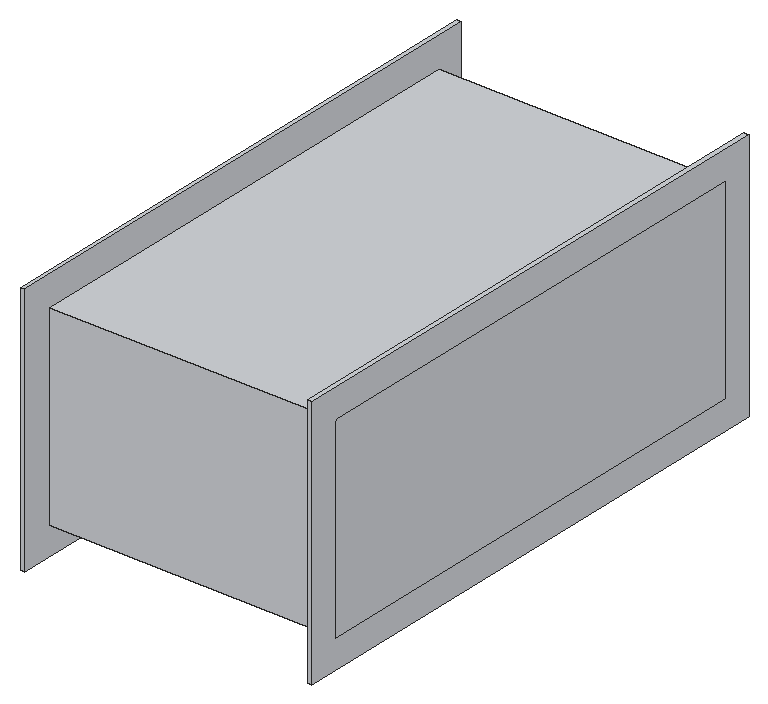
Revit family "XXX_RE Jalousieklappe - Flansch", category Luftkanalzubehör, Revit 2014
Parameters (values of type "Standard")
  Breite [instance] = 500 mm
  Symbolbreite [instance] = Länge / 4  # 75 mm
  Druckverlust [instance] = 0.00 in-wg
  Länge [instance] = 300 mm
  Höhe [instance] = 200 mm
  Flanschstärke = 5 mm
  Flanschbreite = 30 mm
  Widerstandsbeiwert [instance] = 0
Reference planes
  plane 1 "Mitte (Vorne/Hinten)": y = 0
  plane 2: z = 0
  plane 3 "Mitte (Links/Rechts)": x = 0
  plane 4: y = 250
  plane 5: y = -250
  plane 6: x = -150
  plane 7: x = 150
  plane 8: z = 100
  plane 9: z = -100
  plane 10: z = 130
  plane 11: y = -280
  plane 12: z = -130
  plane 13: y = 280
  plane 14: x = -145
  plane 15: x = 145
  plane 16: y = -166.667
  plane 17: y = -83.333
  plane 18: y = 83.333
  plane 19: y = 166.667
  plane 20: z = 66.667
  plane 21: z = 33.333
  plane 22: z = -33.333
  plane 23: z = -66.667
Forms (mm)
  Extrusion 1, solid, detail levels medium+fine
    sketch origin (-150, 397.271, 1219.2) x (0, 1, 0) y (0, 0, 1)
      loop
        line (-147.271, -1119.2) -> (-647.271, -1119.2) -> (-647.271, -1319.2) -> (-147.271, -1319.2) -> (-147.271, -1119.2)
    from 0 to 300
  Extrusion 2, solid, detail levels fine
    sketch origin (-150, 397.271, 1219.2) x (0, 1, 0) y (0, 0, 1)
      loop
        line (-117.271, -1089.2) -> (-677.271, -1089.2) -> (-677.271, -1349.2) -> (-117.271, -1349.2) -> (-117.271, -1089.2)
    from 0 to 5
  Extrusion 3, solid, detail levels fine
    sketch origin (150, 397.271, 1219.2) x (0, 1, 0) y (0, 0, -1)
      loop
        line (-117.271, 1089.2) -> (-117.271, 1349.2) -> (-677.271, 1349.2) -> (-677.271, 1089.2) -> (-117.271, 1089.2)
    from 0 to 5
Lines and regions (mm)
  model lines, detail levels coarse
    curve 1: line (-150, 250, 0) -> (150, 250, 0)
    curve 2: line (-150, -250, 0) -> (-150, 250, 0)
    curve 3: line (150, -250, 0) -> (-150, -250, 0)
    curve 4: line (150, 250, 0) -> (150, -250, 0)
  model lines, style "Symbol", detail levels coarse
    curve 5: line (-150, 0, 100) -> (150, 0, 100)
    curve 6: line (-150, 0, -100) -> (-150, 0, 100)
    curve 7: line (150, 0, -100) -> (-150, 0, -100)
    curve 8: line (150, 0, 100) -> (150, 0, -100)
    curve 9: line (0, 250, 100) -> (0, -250, 100)
    curve 10: line (0, 250, -100) -> (0, 250, 100)
    curve 11: line (0, -250, -100) -> (0, 250, -100)
    curve 12: line (0, -250, 100) -> (0, -250, -100)
    curve 17: line (-145, 0, 100) -> (145, 0, 0)
    curve 18: line (-145, 0, 0) -> (145, 0, -100)
  model lines, style "Symbol", detail levels medium+fine
    curve 13: line (-145, 0, 100) -> (145, 250, 100)
    curve 14: line (-145, -250, 100) -> (145, 0, 100)
    curve 19: line (145, 250, -100) -> (-145, 250, 0)
    curve 20: line (-145, 250, 100) -> (145, 250, 0)
    curve 21: line (145, -250, -100) -> (-145, -250, 0)
    curve 22: line (-145, -250, 100) -> (145, -250, 0)
  model lines, style "DuctAccessory", detail levels coarse
    curve 15: line (145, 250, 0) -> (-145, 0, 0)
    curve 16: line (-145, -250, 0) -> (145, 0, 0)
    curve 23: line (-145, 250, 0) -> (145, 250, 0)
    curve 24: line (145, -250, 0) -> (-145, -250, 0)
Dimensions and locks
  equal spacing: plane 6, plane 3 "Mitte (Links/Rechts)", plane 7
  "Länge": plane 6 to plane 7
  equal spacing: plane 8, level, plane 9
  "Höhe": plane 8 to plane 9
  "Breite": plane 5 to plane 4
  "Flanschbreite": plane 10 to plane 8
  "Flanschbreite": plane 12 to plane 9
  "Flanschbreite": plane 13 to plane 4
  "Flanschbreite": plane 5 to plane 11
  "Flanschstärke": plane 6 to plane 14
  "Flanschstärke": plane 15 to plane 7
  equal spacing: plane 4, plane 19, plane 18, plane 1 "Mitte (Vorne/Hinten)", plane 17, plane 16, plane 5
  equal spacing: plane 2, plane 21, plane 20, plane 8
  equal spacing: plane 9, plane 23, plane 22, plane 2
  aligned and locked: plane 2 to level
  aligned and locked: plane 7 to Extrusion 1
  aligned and locked: Extrusion 1 to plane 6
  aligned and locked: plane 8 to Extrusion 1
  aligned and locked: plane 9 to Extrusion 1
  aligned and locked: plane 5 to Extrusion 1
  aligned and locked: plane 4 to Extrusion 1
  aligned and locked: plane 14 to Extrusion 2
  aligned and locked: Extrusion 2 to plane 6
  aligned and locked: Extrusion 3 to plane 15
  aligned and locked: plane 7 to Extrusion 3
  aligned and locked: curve 2 to Extrusion 1
  aligned and locked: curve 4 to Extrusion 1
  aligned and locked: curve 5 to Extrusion 1
  aligned and locked: curve 6 to Extrusion 1
  aligned and locked: curve 7 to Extrusion 1
  aligned and locked: curve 8 to Extrusion 1
  aligned and locked: curve 9 to Extrusion 1
  aligned and locked: curve 10 to Extrusion 1
  aligned and locked: curve 11 to Extrusion 1
  aligned and locked: curve 12 to Extrusion 1
  aligned and locked: plane 14 to curve 14
  aligned and locked: curve 23 to plane 4
  aligned and locked: curve 24 to plane 5
Automatic sketch dimensions
  Extrusion 1 sketch curve to plane 5 = 0 mm
  Extrusion 1 sketch curve to plane 4 = 0 mm
  plane 9 to Extrusion 1 sketch curve = 0 mm
  Extrusion 1 sketch curve to plane 8 = 0 mm
  Extrusion 2 sketch curve to plane 10 = 0 mm
  Extrusion 2 sketch curve to plane 11 = 0 mm
  plane 12 to Extrusion 2 sketch curve = 0 mm
  Extrusion 2 sketch curve to plane 13 = 0 mm
  Extrusion 3 sketch curve to plane 10 = 0 mm
  Extrusion 3 sketch curve to plane 11 = 0 mm
  plane 12 to Extrusion 3 sketch curve = 0 mm
  Extrusion 3 sketch curve to plane 13 = 0 mm
  curve 20 to level = 0 mm
  curve 19 to level = 0 mm
  plane 5 to curve 3 = 0 mm
  plane 1 "Mitte (Vorne/Hinten)" to curve 16 = 0 mm
  plane 1 "Mitte (Vorne/Hinten)" to curve 15 = 0 mm
  curve 4 to plane 4 = 0 mm
  curve 22 to level = 0 mm
  curve 21 to plane 15 = 0 mm
  curve 21 to level = 0 mm
  curve 18 to level = 0 mm
  curve 18 to plane 14 = 0 mm
  curve 17 to level = 0 mm
  curve 17 to plane 15 = 0 mm
  curve 15 to plane 15 = 0 mm
  curve 24 to plane 15 = 0 mm
  curve 16 to plane 15 = 0 mm
  curve 22 to plane 8 = 0 mm
  curve 22 to plane 14 = 0 mm
  curve 21 to plane 14 = 0 mm
  curve 21 to plane 9 = 0 mm
  curve 20 to plane 8 = 0 mm
  curve 20 to plane 14 = 0 mm
  curve 19 to plane 14 = 0 mm
  curve 22 to plane 15 = 0 mm
  curve 20 to plane 15 = 0 mm
  curve 19 to plane 9 = 0 mm
  curve 19 to plane 15 = 0 mm
  plane 5 to curve 14 = 0 mm
  plane 1 "Mitte (Vorne/Hinten)" to curve 14 = 0 mm
  plane 1 "Mitte (Vorne/Hinten)" to curve 13 = 0 mm
  curve 13 to plane 4 = 0 mm
  curve 13 to plane 15 = 0 mm
  curve 14 to plane 15 = 0 mm
  curve 13 to plane 14 = 0 mm
  curve 18 to plane 15 = 0 mm
  curve 16 to plane 14 = 0 mm
  curve 23 to plane 14 = 0 mm
  curve 15 to plane 14 = 0 mm
  curve 17 to plane 14 = 0 mm
Connectors
  hvac at (-150, 0, 0), driven by "Widerstandsbeiwert", driven by "Breite", driven by "Höhe"
    settings: on Extrusion 1, index 1, duct flow 0 CFM, flow factor 0, pres drop 0.00 in-wg, loss coef 0, conn angle 0.00°, conn width 500 mm, conn height 200 mm, conn diameter 609.6 mm, duct sys type 29, conn prof type 1, flow config 0, flow direction 0, loss method 6, conn ref index 2, conn util no, is conn primary yes, conn desc ""
  hvac at (150, 0, 0), driven by "Widerstandsbeiwert", driven by "Breite", driven by "Höhe"
    settings: on Extrusion 1, index 2, duct flow 0 CFM, flow factor 0, pres drop 0.00 in-wg, loss coef 0, conn angle 0.00°, conn width 500 mm, conn height 200 mm, conn diameter 609.6 mm, duct sys type 29, conn prof type 1, flow config 0, flow direction 0, loss method 0, conn ref index 1, conn util no, is conn primary no, conn desc ""
